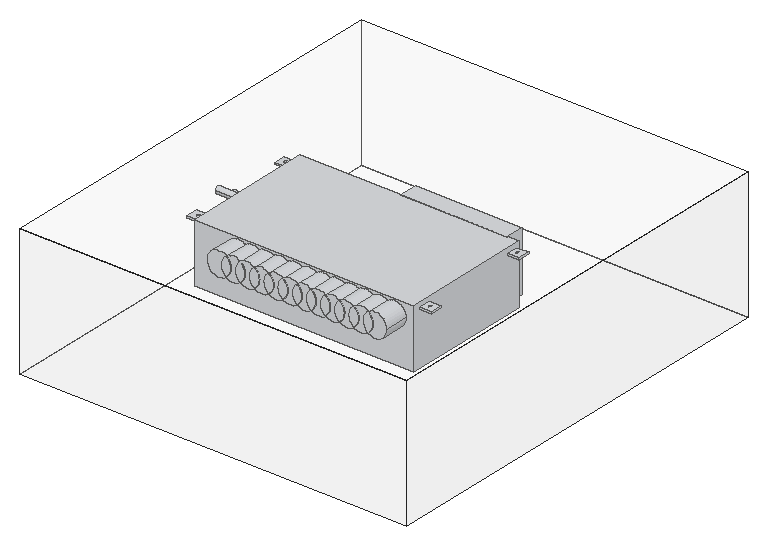
Revit family "cmb-p104_1016(j(a)1_kb1)_60Hz_A", category 機械設備, Revit 2023
Family settings
  丸型コネクタ寸法 = 直径を使用
  パーツ タイプ = 標準
  OmniClass 番号 = 23.75.10.24.21.27.24
  OmniClass タイトル = Room Air Conditioners
  作業面ベース = いいえ
  常に垂直 = はい
  ロード時にボイドで切り取り = いいえ
  注釈の向きを維持 = いいえ
  共有 = いいえ
  部屋計算ポイント = はい
Parameters (values of type "CMB-P1012J1")
  高圧径_室外ユニット側 = 19.05 mm
  高圧径_分コン子機側 = 0.00 mm
  音響パワーレベル(dB) = 0
  電源種別 = ""
  電圧 = 200 V
  運転質量 = 0.00 kg
  質量 = if(製品質量 > 運転質量, 製品質量, 運転質量) * 1.2  # 61.20 kg
  負荷分類 = 3_ファン類
  説明 = "ビル用マルチエアコン 室外ユニット用 分流コントローラー"
  設置方法 = "天井吊（隠ぺい形）"
  記号 [instance] = ""
  製造元 = "三菱電機株式会社"
  製品質量 = 51.00 kg
  製品出荷対象 = "国内"
  製品リリース年月 = "2019年6月1日"
  製品グループ = ""
  系統 [instance] = ""
  管径符号_室外ユニット側 = "Eh"
  符号 = ""
  積算_科目 = "1 空気調和設備"
  積算_拾い区分 [instance] = ""
  相 = 1
  盤記号 [instance] = ""
  発停方法 = ""
  特殊仕様 [instance] = ""
  点検口位置W = 650 mm
  点検口_右側 = no
  火災停止 = ""
  消費電力_暖房 = 80 W
  消費電力_冷房 = 165 W
  消費電力 = if(消費電力_冷房 > 消費電力_暖房, 消費電力_冷房, 消費電力_暖房)  # 165 W
  法定耐用年数 = "15"
  極数 = 2
  材質 [instance] = ""
  書き出し IFC クラス(タイプ) = "IfcUnitaryEquipmentType"
  既定の高さ = 0 mm
  推奨ブレーカー容量 = 15 A
  形式 = "個別ユニット（天井吊（隠ぺい形））"
  形名 = CMB-P-JKAB : CMB-P1012J1
  幹線記号 [instance] = ""
  定義済み IFC タイプ(タイプ) = "AIRCONDITIONINGUNIT"
  始動方式 = "直入"
  呼称 = "室内機_天井吊（隠ぺい形）"
  周波数 = 60 Hz
  参照している仕様書等のバージョン = "公共建築工事標準仕様書（機械設備工事編）平成31年度版"
  分類コード = "50053003221160"
  分類グループ = ""
  冷媒高低圧ガス管径 = 0.00 mm
  冷媒管径符号 = "Bd"
  冷媒管径 = 100.00 mm
  冷媒液管径_分コン子機側 = 0.00 mm
  冷媒液管径 = 9.52 mm
  冷媒ガス管径 = 15.88 mm
  低圧径_室外ユニット側 = 28.58 mm
  低圧径_分コン子機側 = 0.00 mm
  企業コード = "108420"
  モデル = "CMB-P1012J1"
  コメント [instance] = ""
  ケーブルサイズ = 1.6 mm
  Keynote = ""
  Version = ""
  Uniclass2015Version = "Systems v1.9"
  Uniclass2015Title = "Split coil remote air cooled condensing units"
  Uniclass2015Code = ""
  URL = "https://www.mitsubishielectric.co.jp/ldg/wink/ssl/displayProduct.do?pid=298332"
  SpecificationReference = ""
  SpecificationDescription = ""
  Revision = ""
  ProductInformation = ""
  OmniClassCode = ""
  IfcTypeProduct = ""
  IfcProduct = ""
  IfcExportType = "AIRCONDITIONINGUNIT"
  IfcExportAs = "IfcUnitaryEquipmentType"
  仕様書バージョン = "Version1.0"
  ドレン管径 = 32.00 mm
  Width = 927 mm
  Height = 253 mm
  Depth = 554 mm
  Clearance Top = 100 mm
  Clearance Right = 410 mm
  Clearance Left = 300 mm
  Clearance Front = 550 mm
  Clearance Bottom = 200 mm
  Clearance Back = 700 mm
  Author = "三菱電機株式会社"
Types (10, lengths in mm): name | 高圧径_室外ユニット側 | 高圧径_分コン子機側 | 質量 | 製品質量 | 管径符号_室外ユニット側 | 点検口位置W | 点検口_右側 | 消費電力_暖房 | 消費電力_冷房 | 消費電力 | 形名 | 冷媒液管径_分コン子機側 | 低圧径_室外ユニット側 | 低圧径_分コン子機側 | モデル | URL | Width | Depth | Clearance Right | Clearance Left
  CMB-P104J1 | 19.05 | 0.00 | 32.40 kg | 27.00 kg | "Eh" | 80 | no | 27 W | 60 W | 60 W | CMB-P-JKAB : CMB-P104J1 | 0.00 | 28.58 | 0.00 | "CMB-P104J1" | "https://www.mitsubishielectric.co.jp/ldg/wink/ssl/displayProduct.do?pid=298329" | 612 | 407 | 0 | 370
  CMB-P106J1 | 19.05 | 0.00 | 37.20 kg | 31.00 kg | "Eh" | 80 | no | 40 W | 86 W | 86 W | CMB-P-JKAB : CMB-P106J1 | 0.00 | 28.58 | 0.00 | "CMB-P106J1" | "https://www.mitsubishielectric.co.jp/ldg/wink/ssl/displayProduct.do?pid=298330" | 612 | 407 | 0 | 370
  CMB-P108J1 | 19.05 | 0.00 | 42.00 kg | 35.00 kg | "Eh" | 80 | no | 53 W | 112 W | 112 W | CMB-P-JKAB : CMB-P108J1 | 0.00 | 28.58 | 0.00 | "CMB-P108J1" | "https://www.mitsubishielectric.co.jp/ldg/wink/ssl/displayProduct.do?pid=298331" | 612 | 407 | 0 | 370
  CMB-P1012J1 | 19.05 | 0.00 | 61.20 kg | 51.00 kg | "Eh" | 650 | no | 80 W | 165 W | 165 W | CMB-P-JKAB : CMB-P1012J1 | 0.00 | 28.58 | 0.00 | "CMB-P1012J1" | "https://www.mitsubishielectric.co.jp/ldg/wink/ssl/displayProduct.do?pid=298332" | 927 | 554 | 410 | 300
  CMB-P1016J1 | 19.05 | 0.00 | 75.60 kg | 63.00 kg | "Eh" | 760 | no | 106 W | 217 W | 217 W | CMB-P-JKAB : CMB-P1016J1 | 0.00 | 28.58 | 0.00 | "CMB-P1016J1" | "https://www.mitsubishielectric.co.jp/ldg/wink/ssl/displayProduct.do?pid=298333" | 1151 | 554 | 410 | 300
  CMB-P108JA1 | 34.93 | 28.58 | 60.00 kg | 50.00 kg | "Jk" | 490 | yes | 53 W | 112 W | 112 W | CMB-P-JKAB : CMB-P108JA1 | 19.05 | 38.10 | 38.10 | "CMB-P108JA1" | "https://www.mitsubishielectric.co.jp/ldg/wink/ssl/displayProduct.do?pid=298334" | 927 | 554 | 250 | 300
  CMB-P1012JA1 | 19.05 | 28.58 | 75.60 kg | 63.00 kg | "Jk" | 760 | yes | 80 W | 165 W | 165 W | CMB-P-JKAB : CMB-P1012JA1 | 19.05 | 28.58 | 38.10 | "CMB-P1012JA1" | "https://www.mitsubishielectric.co.jp/ldg/wink/ssl/displayProduct.do?pid=298335" | 1151 | 554 | 410 | 300
  CMB-P1016JA1 | 19.05 | 28.58 | 85.20 kg | 71.00 kg | "Jk" | 760 | yes | 106 W | 217 W | 217 W | CMB-P-JKAB : CMB-P1016JA1 | 19.05 | 28.58 | 38.10 | "CMB-P1016JA1" | "https://www.mitsubishielectric.co.jp/ldg/wink/ssl/displayProduct.do?pid=298336" | 1151 | 554 | 410 | 300
  CMB-P104KB1 | 19.05 | 0.00 | 28.80 kg | 24.00 kg | "Eh" | 80 | no | 27 W | 53 W | 53 W | CMB-P-JKAB : CMB-P104KB1 | 0.00 | 28.58 | 0.00 | "CMB-P104KB1" | "https://www.mitsubishielectric.co.jp/ldg/wink/ssl/displayProduct.do?pid=298337" | 612 | 407 | 0 | 370
  CMB-P108KB1 | 19.05 | 0.00 | 38.40 kg | 32.00 kg | "Eh" | 80 | no | 53 W | 106 W | 106 W | CMB-P-JKAB : CMB-P108KB1 | 0.00 | 28.58 | 0.00 | "CMB-P108KB1" | "https://www.mitsubishielectric.co.jp/ldg/wink/ssl/displayProduct.do?pid=298339" | 612 | 407 | 0 | 370
Reference planes
  plane 1 "中心(正面/背面)": y = 0
  plane 2: z = 0
  plane 3 "中心(左/右)": x = 0
  plane 4: y = 277
  plane 5: y = -277
  plane 6: z = 253
  plane 7: x = -463.5
  plane 8: x = 463.5
  plane 9: z = 353
  plane 10 "tenken": z = -200
  plane 11: y = 977
  plane 12: x = -763.5
  plane 13: y = -827
  plane 14: x = 873.5
  plane 15 "点検口_1": x = -313.5
  plane 16 "点検口_3": x = 223.5
  plane 17 "点検口_5": y = 453.5
Lines and regions (mm)
  Masking region 1, detail levels coarse+medium
    outline origin (0, 0, 0) x (1, 0, 0) y (0, 1, 0)
      loop
        line (-463.5, -277) -> (463.5, -277) -> (463.5, 277) -> (-463.5, 277) -> (-463.5, -277)
Dimensions and locks
  equal spacing: plane 4, plane 1 "中心(正面/背面)", plane 5
  "Depth": plane 4 to plane 5
  "Height": plane 6 to level
  equal spacing: plane 7, plane 3 "中心(左/右)", plane 8
  "Width": plane 7 to plane 8
  "Clearance Top": plane 9 to plane 6
  "Clearance Bottom": level to plane 10 "tenken"
  "Clearance Right": plane 8 to plane 14
  "Clearance Left": plane 12 to plane 7
  "Clearance Back": plane 11 to plane 4
  "Clearance Front": plane 5 to plane 13
  locked: plane 12 to plane 15 "点検口_1" at 450
  "点検口位置W": plane 16 "点検口_3" to plane 14
  aligned and locked: level to plane 2
  aligned and locked: Masking region 1 sketch curve to plane 7
  aligned and locked: plane 8 to Masking region 1 sketch curve
  aligned and locked: plane 14 to nested 1
  aligned and locked: nested 1 to plane 13
  aligned and locked: plane 12 to nested 1
  aligned and locked: nested 1 to plane 11
  aligned and locked: nested 1 to plane 9
  aligned and locked: plane 10 "tenken" to nested 1
  aligned and locked: plane 3 "中心(左/右)" to nested 2
  aligned and locked: plane 1 "中心(正面/背面)" to nested 2
  aligned and locked: nested 3 to plane 16 "点検口_3"
  aligned and locked: nested 3 to plane 11
  aligned and locked: plane 12 to nested 4
  aligned and locked: plane 13 to nested 4
  aligned and locked: nested 5 to plane 14
  aligned and locked: nested 5 to plane 13
Automatic sketch dimensions
  Masking region 1 sketch curve to plane 4 = 0 mm
  Masking region 1 sketch curve to plane 5 = 0 mm
Nested families
  nested 1: "サービススペース(CMB-P-JKAB)" at (55, 75, 76.5), type "サービススペース(CMB-P-JKAB)"
    with Width 1637 mm, Height 553 mm, Depth 1804 mm
  nested 2: "CMB-P-JKAB" at (0, -73.5, 0), type <- "形名", type "CMB-P1012J1"
  nested 3: "点検口設置範囲" at (-1.5, 752, -200), type "点検口設置範囲"
    with Width 450 mm, Depth 450 mm
  nested 4: "点検口設置範囲" at (-538.5, -602, -200), type "点検口設置範囲"
    with Width 450 mm, Depth 450 mm
  nested 5: "点検口設置範囲" at (648.5, -602, -200), visible <- "点検口_右側", type "点検口設置範囲"
    with Width 450 mm, Depth 450 mm
Connectors
  piping at (-583.5, -5, 205), diameter 28.58, driven by "低圧径_室外ユニット側"
    settings: on nested 2, index 1, connector inside diameter 609.60 mm, connector length 0 mm, flow factor 0, pipe flow 0.0 L/s, pressure drop 0.0 Pa, fitting loss kfactor 0, connector angle 0.00°, fixture units 0, engagement length 0 mm, angle of deflection 0.00°, flow configuration 0, flow direction 1, fitting loss method 4, system type 7, joint type 0, gender type 0, connector reference index -1, connector utility 0, adjustable connector no, is connector primary yes, connector description ""
  piping at (-583.5, -5, 205), diameter 28.58, driven by "低圧径_室外ユニット側"
    settings: on nested 2, index 2, connector inside diameter 609.60 mm, connector length 0 mm, flow factor 0, pipe flow 0.0 L/s, pressure drop 0.0 Pa, fitting loss kfactor 0, connector angle 0.00°, fixture units 0, engagement length 0 mm, angle of deflection 0.00°, flow configuration 1, flow direction 1, fitting loss method 4, system type 7, joint type 0, gender type 0, connector reference index -1, connector utility 0, adjustable connector no, is connector primary no, connector description ""
  piping at (-655.5, 4, 32), diameter 32, driven by "ドレン管径"
    settings: on nested 2, index 3, connector inside diameter 609.60 mm, connector length 0 mm, flow factor 0, pipe flow 0.0 L/s, pressure drop 0.0 Pa, fitting loss kfactor 0, connector angle 0.00°, fixture units 0, engagement length 0 mm, angle of deflection 0.00°, flow configuration 1, flow direction 2, fitting loss method 4, system type 16, joint type 0, gender type 0, connector reference index -1, connector utility 0, adjustable connector no, is connector primary no, connector description ""
  piping at (-282, -377, 193), diameter 100, driven by "冷媒管径", driven by "冷媒管径符号"
    settings: on nested 2, index 4, connector inside diameter 609.60 mm, connector length 0 mm, flow factor 0, pipe flow 0.0 L/s, pressure drop 0.0 Pa, fitting loss kfactor 0, connector angle 0.00°, fixture units 0, engagement length 0 mm, angle of deflection 0.00°, flow configuration 1, flow direction 1, fitting loss method 4, system type 7, joint type 0, gender type 0, connector reference index -1, connector utility 0, adjustable connector no, is connector primary no, connector description "Bd"
  piping at (-222, -377, 193), diameter 100, driven by "冷媒管径", driven by "冷媒管径符号"
    settings: on nested 2, index 5, connector inside diameter 609.60 mm, connector length 0 mm, flow factor 0, pipe flow 0.0 L/s, pressure drop 0.0 Pa, fitting loss kfactor 0, connector angle 0.00°, fixture units 0, engagement length 0 mm, angle of deflection 0.00°, flow configuration 1, flow direction 1, fitting loss method 4, system type 7, joint type 0, gender type 0, connector reference index -1, connector utility 0, adjustable connector no, is connector primary no, connector description "Bd"
  piping at (-162, -377, 193), diameter 100, driven by "冷媒管径", driven by "冷媒管径符号"
    settings: on nested 2, index 6, connector inside diameter 609.60 mm, connector length 0 mm, flow factor 0, pipe flow 0.0 L/s, pressure drop 0.0 Pa, fitting loss kfactor 0, connector angle 0.00°, fixture units 0, engagement length 0 mm, angle of deflection 0.00°, flow configuration 1, flow direction 1, fitting loss method 4, system type 7, joint type 0, gender type 0, connector reference index -1, connector utility 0, adjustable connector no, is connector primary no, connector description "Bd"
  piping at (-102, -377, 193), diameter 100, driven by "冷媒管径", driven by "冷媒管径符号"
    settings: on nested 2, index 7, connector inside diameter 609.60 mm, connector length 0 mm, flow factor 0, pipe flow 0.0 L/s, pressure drop 0.0 Pa, fitting loss kfactor 0, connector angle 0.00°, fixture units 0, engagement length 0 mm, angle of deflection 0.00°, flow configuration 1, flow direction 1, fitting loss method 4, system type 7, joint type 0, gender type 0, connector reference index -1, connector utility 0, adjustable connector no, is connector primary no, connector description "Bd"
  piping at (-42, -377, 193), diameter 100, driven by "冷媒管径", driven by "冷媒管径符号"
    settings: on nested 2, index 8, connector inside diameter 609.60 mm, connector length 0 mm, flow factor 0, pipe flow 0.0 L/s, pressure drop 0.0 Pa, fitting loss kfactor 0, connector angle 0.00°, fixture units 0, engagement length 0 mm, angle of deflection 0.00°, flow configuration 1, flow direction 1, fitting loss method 4, system type 7, joint type 0, gender type 0, connector reference index -1, connector utility 0, adjustable connector no, is connector primary no, connector description "Bd"
  piping at (18, -377, 193), diameter 100, driven by "冷媒管径", driven by "冷媒管径符号"
    settings: on nested 2, index 9, connector inside diameter 609.60 mm, connector length 0 mm, flow factor 0, pipe flow 0.0 L/s, pressure drop 0.0 Pa, fitting loss kfactor 0, connector angle 0.00°, fixture units 0, engagement length 0 mm, angle of deflection 0.00°, flow configuration 1, flow direction 1, fitting loss method 4, system type 7, joint type 0, gender type 0, connector reference index -1, connector utility 0, adjustable connector no, is connector primary no, connector description "Bd"
  piping at (78, -377, 193), diameter 100, driven by "冷媒管径", driven by "冷媒管径符号"
    settings: on nested 2, index 10, connector inside diameter 609.60 mm, connector length 0 mm, flow factor 0, pipe flow 0.0 L/s, pressure drop 0.0 Pa, fitting loss kfactor 0, connector angle 0.00°, fixture units 0, engagement length 0 mm, angle of deflection 0.00°, flow configuration 1, flow direction 1, fitting loss method 4, system type 7, joint type 0, gender type 0, connector reference index -1, connector utility 0, adjustable connector no, is connector primary no, connector description "Bd"
  piping at (138, -377, 193), diameter 100, driven by "冷媒管径", driven by "冷媒管径符号"
    settings: on nested 2, index 11, connector inside diameter 609.60 mm, connector length 0 mm, flow factor 0, pipe flow 0.0 L/s, pressure drop 0.0 Pa, fitting loss kfactor 0, connector angle 0.00°, fixture units 0, engagement length 0 mm, angle of deflection 0.00°, flow configuration 1, flow direction 1, fitting loss method 4, system type 7, joint type 0, gender type 0, connector reference index -1, connector utility 0, adjustable connector no, is connector primary no, connector description "Bd"
  piping at (198, -377, 193), diameter 100, driven by "冷媒管径", driven by "冷媒管径符号"
    settings: on nested 2, index 12, connector inside diameter 609.60 mm, connector length 0 mm, flow factor 0, pipe flow 0.0 L/s, pressure drop 0.0 Pa, fitting loss kfactor 0, connector angle 0.00°, fixture units 0, engagement length 0 mm, angle of deflection 0.00°, flow configuration 1, flow direction 1, fitting loss method 4, system type 7, joint type 0, gender type 0, connector reference index -1, connector utility 0, adjustable connector no, is connector primary no, connector description "Bd"
  piping at (258, -377, 193), diameter 100, driven by "冷媒管径", driven by "冷媒管径符号"
    settings: on nested 2, index 13, connector inside diameter 609.60 mm, connector length 0 mm, flow factor 0, pipe flow 0.0 L/s, pressure drop 0.0 Pa, fitting loss kfactor 0, connector angle 0.00°, fixture units 0, engagement length 0 mm, angle of deflection 0.00°, flow configuration 1, flow direction 1, fitting loss method 4, system type 7, joint type 0, gender type 0, connector reference index -1, connector utility 0, adjustable connector no, is connector primary no, connector description "Bd"
  piping at (318, -377, 193), diameter 100, driven by "冷媒管径", driven by "冷媒管径符号"
    settings: on nested 2, index 14, connector inside diameter 609.60 mm, connector length 0 mm, flow factor 0, pipe flow 0.0 L/s, pressure drop 0.0 Pa, fitting loss kfactor 0, connector angle 0.00°, fixture units 0, engagement length 0 mm, angle of deflection 0.00°, flow configuration 1, flow direction 1, fitting loss method 4, system type 7, joint type 0, gender type 0, connector reference index -1, connector utility 0, adjustable connector no, is connector primary no, connector description "Bd"
  piping at (378, -377, 193), diameter 100, driven by "冷媒管径", driven by "冷媒管径符号"
    settings: on nested 2, index 15, connector inside diameter 609.60 mm, connector length 0 mm, flow factor 0, pipe flow 0.0 L/s, pressure drop 0.0 Pa, fitting loss kfactor 0, connector angle 0.00°, fixture units 0, engagement length 0 mm, angle of deflection 0.00°, flow configuration 1, flow direction 1, fitting loss method 4, system type 7, joint type 0, gender type 0, connector reference index -1, connector utility 0, adjustable connector no, is connector primary no, connector description "Bd"
  piping at (438, -377, 193), diameter 100, driven by "冷媒管径", driven by "冷媒管径符号"
    settings: on nested 2, index 16, connector inside diameter 609.60 mm, connector length 0 mm, flow factor 0, pipe flow 0.0 L/s, pressure drop 0.0 Pa, fitting loss kfactor 0, connector angle 0.00°, fixture units 0, engagement length 0 mm, angle of deflection 0.00°, flow configuration 1, flow direction 1, fitting loss method 4, system type 7, joint type 0, gender type 0, connector reference index -1, connector utility 0, adjustable connector no, is connector primary no, connector description "Bd"
  piping at (498, -377, 193), diameter 100, driven by "冷媒管径", driven by "冷媒管径符号"
    settings: on nested 2, index 17, connector inside diameter 609.60 mm, connector length 0 mm, flow factor 0, pipe flow 0.0 L/s, pressure drop 0.0 Pa, fitting loss kfactor 0, connector angle 0.00°, fixture units 0, engagement length 0 mm, angle of deflection 0.00°, flow configuration 1, flow direction 1, fitting loss method 4, system type 7, joint type 0, gender type 0, connector reference index -1, connector utility 0, adjustable connector no, is connector primary no, connector description "Bd"
  piping at (558, -377, 193), diameter 100, driven by "冷媒管径", driven by "冷媒管径符号"
    settings: on nested 2, index 18, connector inside diameter 609.60 mm, connector length 0 mm, flow factor 0, pipe flow 0.0 L/s, pressure drop 0.0 Pa, fitting loss kfactor 0, connector angle 0.00°, fixture units 0, engagement length 0 mm, angle of deflection 0.00°, flow configuration 1, flow direction 1, fitting loss method 4, system type 7, joint type 0, gender type 0, connector reference index -1, connector utility 0, adjustable connector no, is connector primary no, connector description "Bd"
  piping at (-583.5, -102, 215), diameter 15.88, driven by "冷媒ガス管径"
    settings: on nested 2, index 19, connector inside diameter 609.60 mm, connector length 0 mm, flow factor 0, pipe flow 0.0 L/s, pressure drop 0.0 Pa, fitting loss kfactor 0, connector angle 0.00°, fixture units 0, engagement length 0 mm, angle of deflection 0.00°, flow configuration 1, flow direction 1, fitting loss method 4, system type 7, joint type 0, gender type 0, connector reference index -1, connector utility 0, adjustable connector no, is connector primary no, connector description ""
  piping at (618, -377, 193), diameter 100, driven by "冷媒管径", driven by "冷媒管径符号"
    settings: on nested 2, index 20, connector inside diameter 609.60 mm, connector length 0 mm, flow factor 0, pipe flow 0.0 L/s, pressure drop 0.0 Pa, fitting loss kfactor 0, connector angle 0.00°, fixture units 0, engagement length 0 mm, angle of deflection 0.00°, flow configuration 1, flow direction 1, fitting loss method 4, system type 7, joint type 0, gender type 0, connector reference index -1, connector utility 0, adjustable connector no, is connector primary no, connector description "Bd"
  piping at (-583.5, 73, 161), diameter 19.05, driven by "高圧径_室外ユニット側"
    settings: on nested 2, index 21, connector inside diameter 609.60 mm, connector length 0 mm, flow factor 0, pipe flow 0.0 L/s, pressure drop 0.0 Pa, fitting loss kfactor 0, connector angle 0.00°, fixture units 0, engagement length 0 mm, angle of deflection 0.00°, flow configuration 1, flow direction 1, fitting loss method 4, system type 7, joint type 0, gender type 0, connector reference index -1, connector utility 0, adjustable connector no, is connector primary no, connector description ""
  piping at (619.5, 110, 205), driven by "高圧径_分コン子機側"
    settings: on nested 2, index 22, connector diameter 0.00 mm, connector inside diameter 609.60 mm, connector length 0 mm, flow factor 0, pipe flow 0.0 L/s, pressure drop 0.0 Pa, fitting loss kfactor 0, connector angle 0.00°, fixture units 0, engagement length 0 mm, angle of deflection 0.00°, flow configuration 1, flow direction 1, fitting loss method 4, system type 7, joint type 0, gender type 0, connector reference index -1, connector utility 0, adjustable connector no, is connector primary no, connector description ""
  piping at (619.5, -5, 205), driven by "低圧径_分コン子機側"
    settings: on nested 2, index 23, connector diameter 0.00 mm, connector inside diameter 609.60 mm, connector length 0 mm, flow factor 0, pipe flow 0.0 L/s, pressure drop 0.0 Pa, fitting loss kfactor 0, connector angle 0.00°, fixture units 0, engagement length 0 mm, angle of deflection 0.00°, flow configuration 1, flow direction 1, fitting loss method 4, system type 7, joint type 0, gender type 0, connector reference index -1, connector utility 0, adjustable connector no, is connector primary no, connector description ""
  piping at (547.5, 56, 155), driven by "冷媒液管径_分コン子機側"
    settings: on nested 2, index 24, connector diameter 0.00 mm, connector inside diameter 609.60 mm, connector length 0 mm, flow factor 0, pipe flow 0.0 L/s, pressure drop 0.0 Pa, fitting loss kfactor 0, connector angle 0.00°, fixture units 0, engagement length 0 mm, angle of deflection 0.00°, flow configuration 1, flow direction 1, fitting loss method 4, system type 7, joint type 0, gender type 0, connector reference index -1, connector utility 0, adjustable connector no, is connector primary no, connector description ""
  electrical at (188.5, 354, 126.5), driven by "電圧", driven by "負荷分類", driven by "消費電力", driven by "極数"
    settings: on nested 2, index 25, voltage 200 V, apparent load 165 VA, apparent load phase1 0 VA, apparent load phase2 0 VA, apparent load phase3 0 VA, power factor 1, load classification "3_ファン類", number of poles 2, system type 30, power factor state 1, is connector primary yes, connector utility no, sub classification motor no, connector description ""
Definition of nested family "サービススペース(CMB-P-JKAB)"
  Parameters (values of type "サービススペース")
    Default Elevation = 0 mm
    Width [instance] = 500 mm
    Height [instance] = 500 mm
    Depth [instance] = 500 mm
  Reference planes
    plane 1 "中心(正面/背面)": y = 0
    plane 2: z = 0
    plane 3 "中心(左/右)": x = 0
    plane 4: y = -250
    plane 5: x = 250
    plane 6: y = 250
    plane 7: x = -250
    plane 8: z = 250
    plane 9: z = -250
  Forms (mm)
    Extrusion 1, solid
      sketch origin (-638.939, 0, 72.39) x (1, 0, 0) y (0, 1, 0)
        loop
          line (388.939, 250) -> (388.939, -250) -> (888.939, -250) -> (888.939, 250) -> (388.939, 250)
      from -322.39 to 177.61
  Lines and regions (mm)
    symbolic lines
      curve 1: line (-250, 0, 250) -> (250, 0, 250)
      curve 2: line (-250, 0, -250) -> (-250, 0, 250)
      curve 3: line (250, 0, -250) -> (-250, 0, -250)
      curve 4: line (250, 0, 250) -> (250, 0, -250)
      curve 5: line (0, -250, 250) -> (0, 250, 250)
      curve 6: line (0, -250, -250) -> (0, -250, 250)
      curve 7: line (0, 250, -250) -> (0, -250, -250)
      curve 8: line (0, 250, 250) -> (0, 250, -250)
      curve 9: line (-250, 250, 0) -> (250, 250, 0)
      curve 10: line (-250, -250, 0) -> (-250, 250, 0)
      curve 11: line (250, -250, 0) -> (-250, -250, 0)
      curve 12: line (250, 250, 0) -> (250, -250, 0)
  Dimensions and locks
    equal spacing: plane 7, plane 3 "中心(左/右)", plane 5
    equal spacing: plane 4, plane 1 "中心(正面/背面)", plane 6
    "Depth": plane 4 to plane 6
    "Width": plane 7 to plane 5
    equal spacing: plane 8, plane 2, plane 9
    "Height": plane 8 to plane 9
    aligned and locked: plane 9 to curve 3
    aligned and locked: plane 7 to curve 2
    aligned and locked: curve 4 to plane 5
    aligned and locked: plane 5 to Extrusion 1
    aligned and locked: Extrusion 1 to plane 7
    aligned and locked: Extrusion 1 to plane 9
    aligned and locked: plane 8 to Extrusion 1
    aligned and locked: plane 9 to curve 7
  Automatic sketch dimensions
    plane 4 to Extrusion 1 sketch curve = 0 mm
    Extrusion 1 sketch curve to plane 7 = 0 mm
    Extrusion 1 sketch curve to plane 5 = 0 mm
    plane 6 to Extrusion 1 sketch curve = 0 mm
    curve 2 to plane 8 = 0 mm
    plane 4 to curve 11 = 0 mm
    curve 11 to plane 7 = 0 mm
    curve 11 to plane 5 = 0 mm
    plane 6 to curve 10 = 0 mm
    curve 7 to plane 4 = 0 mm
    curve 7 to plane 6 = 0 mm
    curve 6 to plane 8 = 0 mm
Definition of nested family "CMB-P-JKAB"
  Parameters (values of type "CMB-P1012J1")
    配管接続口液 = 6.35 mm  # constant formula
    配管接続口ガス = 12.7 mm  # constant formula
    表示 = no
    液径 = 15.88 mm
    液_表示 = no
    Default Elevation = 0 mm
    右液W = 84 mm  # constant formula
    右液H = 98 mm  # constant formula
    右液D = 333 mm  # constant formula
    右接続口液 = 19.05 mm  # constant formula
    右低圧径 = 38.1 mm  # constant formula
    低圧径 = 28.58 mm
    吊りボルトW = 983 mm
    吊りボルトH = 23 mm
    吊りボルトD = 463 mm
    配管径 = 100 mm  # constant formula
    低圧W = 120 mm
    低圧H = 48 mm
    低圧D = 272 mm
    右高圧径 = 28.58 mm  # constant formula
    右高圧W = 156 mm  # constant formula
    右高圧H = 48 mm  # constant formula
    右高圧D = 387 mm  # constant formula
    右低圧W = 156 mm  # constant formula
    右低圧H = 48 mm  # constant formula
    右低圧D = 272 mm  # constant formula
    ドレン径 = 32 mm
    ドレンW = 192 mm
    ドレンH = 221 mm
    ドレンD = 281 mm
    高圧径 = 19.05 mm
    高圧W = 120 mm
    高圧H = 92 mm
    高圧D = 350 mm
    コネクタ8 = yes
    コネクタ6 = yes
    コネクタ4 = yes
    コネクタ16 = no
    コネクタ12 = yes
    ①幅 = 927 mm
    ①高さ = 253 mm
    ①奥行き = 554 mm
    C = 197 mm
    B = 49 mm
    A = 77 mm
    G = 0 mm
    F = 0 mm
    E = 0 mm
    D = 166 mm
  Types (10, lengths in mm): name | 表示 | 液_表示 | 吊りボルトW | 吊りボルトH | 吊りボルトD | 低圧W | 低圧H | 低圧D | ドレンD | 高圧W | 高圧H | 高圧D | コネクタ8 | コネクタ6 | コネクタ16 | コネクタ12 | ①幅 | ①奥行き | C | B | A | D
    CMB-P104J1 | no | no | 648 | 11 | 323 | 120 | 38 | 110 | 207 | 120 | 122 | 276 | no | no | no | no | 612 | 407 | 127 | 46 | 78 | 96
    CMB-P104KB1 | no | yes | 648 | 11 | 323 | 90 | 38 | 110 | 207 | 120 | 122 | 276 | no | no | no | no | 612 | 407 | 127 | 46 | 78 | 96
    CMB-P106J1 | no | no | 648 | 11 | 323 | 120 | 38 | 110 | 207 | 120 | 122 | 276 | no | yes | no | no | 612 | 407 | 127 | 46 | 78 | 96
    CMB-P108J1 | no | no | 648 | 11 | 323 | 120 | 38 | 110 | 207 | 120 | 122 | 276 | yes | yes | no | no | 612 | 407 | 127 | 46 | 78 | 96
    CMB-P108JA1 | yes | no | 983 | 23 | 463 | 156 | 48 | 272 | 281 | 156 | 92 | 350 | yes | yes | no | no | 927 | 554 | 196 | 49 | 77 | 166
    CMB-P108KB1 | no | yes | 648 | 11 | 323 | 90 | 38 | 110 | 207 | 120 | 122 | 276 | yes | yes | no | no | 612 | 407 | 127 | 46 | 78 | 96
    CMB-P1012J1 | no | no | 983 | 23 | 463 | 120 | 48 | 272 | 281 | 120 | 92 | 350 | yes | yes | no | yes | 927 | 554 | 197 | 49 | 77 | 166
    CMB-P1012JA1 | yes | no | 1207 | 23 | 463 | 156 | 48 | 272 | 281 | 156 | 92 | 350 | yes | yes | no | yes | 1151 | 554 | 196 | 49 | 77 | 166
    CMB-P1016J1 | no | no | 1207 | 23 | 463 | 120 | 48 | 272 | 281 | 120 | 92 | 350 | yes | yes | yes | yes | 1151 | 554 | 197 | 49 | 77 | 166
    CMB-P1016JA1 | yes | no | 1207 | 23 | 463 | 156 | 48 | 272 | 281 | 156 | 92 | 350 | yes | yes | yes | yes | 1151 | 554 | 196 | 49 | 77 | 166
  Reference planes
    plane 1 "中心(正面/背面)": y = 73.5
    plane 2: z = 0
    plane 3 "中心(左/右)": x = 0
    plane 4: x = -463.5
    plane 5: x = 463.5
    plane 6: y = 350.5
    plane 7: y = -203.5
    plane 8: z = 253
    plane 9: y = 308.5
    plane 10: y = -154.5
    plane 11: x = -491.5
    plane 12: x = 491.5
    plane 13: y = 427.5
    plane 14: x = 413.5
    plane 15: x = -36.5
    plane 16: x = -266.5
    plane 17: z = 227
    plane 18: z = 159
    plane 19: x = -297.5
    plane 20: z = 230
    plane 21: y = 333.5
    plane 22: y = 283.5
    plane 23: y = -129.5
    plane 24: y = -179.5
    plane 25: x = 516.5
    plane 26: x = -516.5
    plane 27: y = -303.5
    plane 28: y = 68.5
    plane 29: y = 146.5
    plane 30: y = 77.5
    plane 31: x = -583.5
    plane 32: x = -655.5
    plane 33: z = 32
    plane 34: z = 161
    plane 35: z = 205
    plane 36: y = 183.5
    plane 37: y = 129.5
    plane 38: y = 68.5
    plane 39: x = 547.5
    plane 40: x = 619.5
    plane 41: z = 155
    plane 42: z = 205
    plane 43: x = -282
    plane 44: x = -222
    plane 45: x = -162
    plane 46: x = -102
    plane 47: x = -42
    plane 48: x = 18
    plane 49: x = 78
    plane 50: x = 138
    plane 51: x = 198
    plane 52: x = 258
    plane 53: x = 318
    plane 54: x = 378
    plane 55: x = 438
    plane 56: x = 498
    plane 57: x = 558
    plane 58: z = 193
    plane 59: y = -28.5
    plane 60: z = 215
    plane 61: x = 618
    plane 62: x = -583.5
  Forms (mm)
    Extrusion 1, solid
      sketch origin (0, 0, 0) x (1, 0, 0) y (0, 1, 0)
        loop
          line (-463.5, 350.5) -> (-463.5, -203.5) -> (463.5, -203.5) -> (463.5, 350.5) -> (-463.5, 350.5)
      from 0 to 253
    Extrusion 2, solid
      sketch origin (0, 0, 0) x (1, 0, 0) y (0, 1, 0)
        loop
          line (-36.5, 427.5) -> (-36.5, 350.5) -> (413.5, 350.5) -> (413.5, 427.5) -> (-36.5, 427.5)
      from 0 to 253
    Extrusion 3, solid, detail levels fine
      sketch origin (0, 0, 0) x (1, 0, 0) y (0, 1, 0)
        loop
          line (-516.5, 333.5) -> (-516.5, 283.5) -> (-463.5, 283.5) -> (-463.5, 333.5) -> (-516.5, 333.5)
        loop
          circle (-491.5, 308.5) r 5
        loop
          line (516.5, 333.5) -> (463.5, 333.5) -> (463.5, 283.5) -> (516.5, 283.5) -> (516.5, 333.5)
        loop
          circle (491.5, 308.5) r 5
        loop
          line (516.5, -179.5) -> (516.5, -129.5) -> (463.5, -129.5) -> (463.5, -179.5) -> (516.5, -179.5)
        loop
          circle (491.5, -154.5) r 5
        loop
          line (-516.5, -179.5) -> (-463.5, -179.5) -> (-463.5, -129.5) -> (-516.5, -129.5) -> (-516.5, -179.5)
        loop
          circle (-491.5, -154.5) r 5
      from 237 to 230
    Extrusion 4, solid, detail levels fine
      sketch origin (0, 0, 0) x (0, 1, 0) y (0, 0, 1)
        loop
          circle (68.5, 205) r 14.29
      from -583.5 to -463.5
    Extrusion 5, solid, detail levels fine
      sketch origin (0, 0, 0) x (0, 1, 0) y (0, 0, 1)
        loop
          circle (77.5, 32) r 16
      from -655.5 to -463.5
    Extrusion 6, solid, visible <- "表示", detail levels fine
      sketch origin (0, 0, 0) x (0, 1, 0) y (0, 0, 1)
        loop
          circle (129.5, 155) r 9.525
      from 463.5 to 547.5
    Extrusion 7, solid, visible <- "表示", detail levels fine
      sketch origin (0, 0, 0) x (0, 1, 0) y (0, 0, 1)
        loop
          circle (183.5, 205) r 14.29
        loop
          circle (68.5, 205) r 19.05
      from 463.5 to 619.5
    Extrusion 8, solid, visible <- "コネクタ4", detail levels fine
      sketch origin (0, 73.5, 0) x (1, 0, 0) y (0, 0, 1)
        loop
          circle (-282, 193) r 50
      from 277 to 377
    Extrusion 9, solid, visible <- "コネクタ4", detail levels fine
      sketch origin (60, 73.5, 0) x (1, 0, 0) y (0, 0, 1)
        loop
          circle (-282, 193) r 50
      from 277 to 377
    Extrusion 10, solid, visible <- "コネクタ4", detail levels fine
      sketch origin (120, 73.5, 0) x (1, 0, 0) y (0, 0, 1)
        loop
          circle (-282, 193) r 50
      from 277 to 377
    Extrusion 11, solid, visible <- "コネクタ4", detail levels fine
      sketch origin (180, 73.5, 0) x (1, 0, 0) y (0, 0, 1)
        loop
          circle (-282, 193) r 50
      from 277 to 377
    Extrusion 12, solid, visible <- "コネクタ6", detail levels fine
      sketch origin (240, 73.5, 0) x (1, 0, 0) y (0, 0, 1)
        loop
          circle (-282, 193) r 50
      from 277 to 377
    Extrusion 13, solid, visible <- "コネクタ6", detail levels fine
      sketch origin (300, 73.5, 0) x (1, 0, 0) y (0, 0, 1)
        loop
          circle (-282, 193) r 50
      from 277 to 377
    Extrusion 14, solid, visible <- "コネクタ8", detail levels fine
      sketch origin (360, 73.5, 0) x (1, 0, 0) y (0, 0, 1)
        loop
          circle (-282, 193) r 50
      from 277 to 377
    Extrusion 15, solid, visible <- "コネクタ8", detail levels fine
      sketch origin (420, 73.5, 0) x (1, 0, 0) y (0, 0, 1)
        loop
          circle (-282, 193) r 50
      from 277 to 377
    Extrusion 16, solid, visible <- "コネクタ12", detail levels fine
      sketch origin (480, 73.5, 0) x (1, 0, 0) y (0, 0, 1)
        loop
          circle (-282, 193) r 50
      from 277 to 377
    Extrusion 17, solid, visible <- "コネクタ12", detail levels fine
      sketch origin (540, 73.5, 0) x (1, 0, 0) y (0, 0, 1)
        loop
          circle (-282, 193) r 50
      from 277 to 377
    Extrusion 18, solid, visible <- "コネクタ12", detail levels fine
      sketch origin (600, 73.5, 0) x (1, 0, 0) y (0, 0, 1)
        loop
          circle (-282, 193) r 50
      from 277 to 377
    Extrusion 19, solid, visible <- "コネクタ12", detail levels fine
      sketch origin (660, 73.5, 0) x (1, 0, 0) y (0, 0, 1)
        loop
          circle (-282, 193) r 50
      from 277 to 377
    Extrusion 20, solid, visible <- "コネクタ16", detail levels fine
      sketch origin (720, 73.5, 0) x (1, 0, 0) y (0, 0, 1)
        loop
          circle (-282, 193) r 50
      from 277 to 377
    Extrusion 21, solid, visible <- "コネクタ16", detail levels fine
      sketch origin (780, 73.5, 0) x (1, 0, 0) y (0, 0, 1)
        loop
          circle (-282, 193) r 50
      from 277 to 377
    Extrusion 22, solid, visible <- "コネクタ16", detail levels fine
      sketch origin (840, 73.5, 0) x (1, 0, 0) y (0, 0, 1)
        loop
          circle (-282, 193) r 50
      from 277 to 377
    Extrusion 23, solid, visible <- "液_表示", detail levels fine
      sketch origin (0, 0, 0) x (0, 1, 0) y (0, 0, 1)
        loop
          circle (-28.5, 215) r 7.94
      from -583.5 to -463.5
    Extrusion 24, solid, visible <- "コネクタ16", detail levels fine
      sketch origin (900, 73.5, 0) x (1, 0, 0) y (0, 0, 1)
        loop
          circle (-282, 193) r 50
      from 277 to 377
    Extrusion 25, solid, detail levels fine
      sketch origin (0, 0, 0) x (0, 1, 0) y (0, 0, 1)
        loop
          circle (146.5, 161) r 9.525
      from -583.5 to -463.5
  Dimensions and locks
    equal spacing: plane 7, plane 1 "中心(正面/背面)", plane 6
    "①奥行き": plane 7 to plane 6
    equal spacing: plane 4, plane 3 "中心(左/右)", plane 5
    "①幅": plane 4 to plane 5
    equal spacing: plane 11, plane 3 "中心(左/右)", plane 12
    "吊りボルトW": plane 11 to plane 12
    "吊りボルトD": plane 10 to plane 9
    "①高さ": plane 8 to level
    locked: plane 15 to plane 14 at 450
    locked: plane 14 to plane 5 at 50
    "A": plane 6 to plane 13
    "B": plane 7 to plane 10
    "C": plane 4 to plane 16
    plane 8 to plane 17 to plane 18 = 26 mm locked, 68 mm locked
    "D": plane 4 to plane 19
    "吊りボルトH": plane 8 to plane 20
    plane 22 to plane 9 to plane 21 = 25 mm locked, 25 mm locked
    plane 24 to plane 10 to plane 23 = 25 mm locked, 25 mm locked
    locked: plane 27 to plane 7 at 100
    locked: plane 12 to plane 25 at 25
    locked: plane 26 to plane 11 at 25
    "低圧D": plane 7 to plane 28
    "高圧D": plane 7 to plane 29
    "ドレンD": plane 7 to plane 30
    "ドレンW": plane 32 to plane 4
    "高圧W": plane 31 to plane 4
    "ドレンH": plane 8 to plane 33
    "高圧H": plane 8 to plane 34
    "低圧H": plane 8 to plane 35
    plane 30 to plane 7 = 281 mm
    plane 28 to plane 7 = 272 mm
    plane 29 to plane 7 = 350 mm
    plane 8 to plane 35 = 48 mm
    plane 8 to plane 34 = 92 mm
    plane 8 to plane 33 = 221 mm
    "右低圧D": plane 7 to plane 38
    "右液D": plane 7 to plane 37
    "右高圧D": plane 7 to plane 36
    "右液W": plane 5 to plane 39
    "右高圧W": plane 5 to plane 40
    "右高圧H": plane 8 to plane 42
    "右液H": plane 8 to plane 41
    plane 7 to plane 38 = 272 mm
    plane 7 to plane 36 = 387 mm
    plane 7 to plane 37 = 333 mm
    equal spacing: plane 19, plane 43, plane 16
    plane 43 to plane 44 to plane 45 to plane 46 to plane 47 = 60 mm locked, 60 mm locked, 60 mm locked, 60 mm locked
    plane 47 to plane 48 to plane 49 to plane 50 to plane 51 to plane 52 to plane 53 to plane 54 = 60 mm locked, 60 mm locked, 60 mm locked, 60 mm locked, 60 mm locked, 60 mm locked, 60 mm locked
    plane 54 to plane 55 to plane 56 = 60 mm locked, 60 mm locked
    locked: plane 56 to plane 57 at 60
    equal spacing: plane 17, plane 58, plane 18
    plane 57 to plane 56 to plane 55 to plane 54 to plane 53 to plane 52 to plane 51 to plane 50 to plane 49 to plane 48 to plane 47 to plane 46 to plane 45 to plane 44 to plane 43 = 60 mm, 60 mm, 60 mm, 60 mm, 60 mm, 60 mm, 60 mm, 60 mm, 60 mm, 60 mm, 60 mm, 60 mm, 60 mm, 60 mm
    locked: plane 7 to plane 59 at 175
    locked: plane 8 to plane 60 at 38
    locked: plane 57 to plane 61 at 60
    "低圧W": plane 62 to plane 4
    radius of Extrusion 3 sketch curve = 5 mm  (x4)
    "低圧径": diameter of Extrusion 4 sketch curve
    "ドレン径": diameter of Extrusion 5 sketch curve
    "右接続口液": diameter of Extrusion 6 sketch curve
    "右低圧径": diameter of Extrusion 7 sketch curve
    "右高圧径": diameter of Extrusion 7 sketch curve
    "配管径": diameter of Extrusion 8 sketch curve
    "配管径": diameter of Extrusion 9 sketch curve
    "配管径": diameter of Extrusion 10 sketch curve
    "配管径": diameter of Extrusion 11 sketch curve
    "配管径": diameter of Extrusion 12 sketch curve
    "配管径": diameter of Extrusion 13 sketch curve
    "配管径": diameter of Extrusion 14 sketch curve
    "配管径": diameter of Extrusion 15 sketch curve
    "配管径": diameter of Extrusion 16 sketch curve
    "配管径": diameter of Extrusion 17 sketch curve
    "配管径": diameter of Extrusion 18 sketch curve
    "配管径": diameter of Extrusion 19 sketch curve
    "配管径": diameter of Extrusion 20 sketch curve
    "配管径": diameter of Extrusion 21 sketch curve
    "配管径": diameter of Extrusion 22 sketch curve
    "液径": diameter of Extrusion 23 sketch curve
    "配管径": diameter of Extrusion 24 sketch curve
    "高圧径": diameter of Extrusion 25 sketch curve
    aligned and locked: level to plane 2
    aligned and locked: plane 10 to nested 1
    aligned and locked: plane 11 to nested 1
    aligned and locked: plane 12 to nested 1
    aligned and locked: nested 1 to plane 9
    aligned and locked: plane 6 to Extrusion 1 sketch curve
    aligned and locked: plane 4 to Extrusion 1 sketch curve
    aligned and locked: Extrusion 1 sketch curve to plane 7
    aligned and locked: Extrusion 1 sketch curve to plane 5
    aligned and locked: plane 13 to Extrusion 2 sketch curve
    aligned and locked: plane 15 to Extrusion 2 sketch curve
    aligned and locked: Extrusion 2 sketch curve to plane 6
    aligned and locked: Extrusion 2 sketch curve to plane 14
    aligned and locked: plane 8 to Extrusion 2
    aligned and locked: plane 8 to Extrusion 1
    aligned and locked: plane 21 to Extrusion 3 sketch curve
    aligned and locked: plane 26 to Extrusion 3 sketch curve
    aligned and locked: Extrusion 3 sketch curve to plane 22
    aligned and locked: Extrusion 3 sketch curve to plane 4
    aligned and locked: plane 9 to Extrusion 3 sketch curve  (x2)
    aligned and locked: plane 11 to Extrusion 3 sketch curve  (x2)
    aligned and locked: plane 25 to Extrusion 3 sketch curve
    aligned and locked: Extrusion 3 sketch curve to plane 21
    aligned and locked: Extrusion 3 sketch curve to plane 5
    aligned and locked: plane 22 to Extrusion 3 sketch curve
    aligned and locked: plane 12 to Extrusion 3 sketch curve  (x2)
    aligned and locked: plane 23 to Extrusion 3 sketch curve
    aligned and locked: Extrusion 3 sketch curve to plane 25
    aligned and locked: plane 5 to Extrusion 3 sketch curve
    aligned and locked: Extrusion 3 sketch curve to plane 24
    aligned and locked: plane 10 to Extrusion 3 sketch curve  (x2)
    aligned and locked: Extrusion 3 sketch curve to plane 26
    aligned and locked: plane 24 to Extrusion 3 sketch curve
    aligned and locked: Extrusion 3 sketch curve to plane 23
    aligned and locked: plane 4 to Extrusion 3 sketch curve
    aligned and locked: plane 20 to Extrusion 3
    aligned and locked: plane 28 to Extrusion 4 sketch curve
    aligned and locked: plane 35 to Extrusion 4 sketch curve
    aligned and locked: Extrusion 4 to plane 31
    aligned and locked: plane 4 to Extrusion 4
    aligned and locked: plane 30 to Extrusion 5 sketch curve
    aligned and locked: plane 33 to Extrusion 5 sketch curve
    aligned and locked: Extrusion 5 to plane 32
    aligned and locked: plane 4 to Extrusion 5
    aligned and locked: plane 37 to Extrusion 6 sketch curve
    aligned and locked: plane 41 to Extrusion 6 sketch curve
    aligned and locked: plane 39 to Extrusion 6
    aligned and locked: Extrusion 6 to plane 5
    aligned and locked: plane 38 to Extrusion 7 sketch curve
    aligned and locked: plane 42 to Extrusion 7 sketch curve  (x2)
    aligned and locked: plane 36 to Extrusion 7 sketch curve
    aligned and locked: plane 40 to Extrusion 7
    aligned and locked: Extrusion 7 to plane 5
    aligned and locked: plane 43 to Extrusion 8 sketch curve
    aligned and locked: plane 58 to Extrusion 8 sketch curve
    aligned and locked: plane 27 to Extrusion 8
    aligned and locked: Extrusion 8 to plane 7
    aligned and locked: plane 44 to Extrusion 9 sketch curve
    aligned and locked: plane 58 to Extrusion 9 sketch curve
    aligned and locked: plane 45 to Extrusion 10 sketch curve
    aligned and locked: plane 58 to Extrusion 10 sketch curve
    aligned and locked: plane 46 to Extrusion 11 sketch curve
    aligned and locked: plane 58 to Extrusion 11 sketch curve
    aligned and locked: plane 47 to Extrusion 12 sketch curve
    aligned and locked: plane 58 to Extrusion 12 sketch curve
    aligned and locked: plane 48 to Extrusion 13 sketch curve
    aligned and locked: plane 58 to Extrusion 13 sketch curve
    aligned and locked: plane 49 to Extrusion 14 sketch curve
    aligned and locked: plane 58 to Extrusion 14 sketch curve
    aligned and locked: plane 50 to Extrusion 15 sketch curve
    aligned and locked: plane 58 to Extrusion 15 sketch curve
    aligned and locked: plane 51 to Extrusion 16 sketch curve
    aligned and locked: plane 58 to Extrusion 16 sketch curve
    aligned and locked: plane 52 to Extrusion 17 sketch curve
    aligned and locked: plane 58 to Extrusion 17 sketch curve
    aligned and locked: plane 53 to Extrusion 18 sketch curve
    aligned and locked: plane 58 to Extrusion 18 sketch curve
    aligned and locked: plane 54 to Extrusion 19 sketch curve
    aligned and locked: plane 58 to Extrusion 19 sketch curve
    aligned and locked: plane 55 to Extrusion 20 sketch curve
    aligned and locked: plane 58 to Extrusion 20 sketch curve
    aligned and locked: plane 56 to Extrusion 21 sketch curve
    aligned and locked: plane 58 to Extrusion 21 sketch curve
    aligned and locked: plane 58 to Extrusion 22 sketch curve
    aligned and locked: plane 57 to Extrusion 22 sketch curve
    aligned and locked: plane 27 to Extrusion 22
    aligned and locked: plane 27 to Extrusion 21
    aligned and locked: plane 27 to Extrusion 20
    aligned and locked: Extrusion 22 to plane 7
    aligned and locked: Extrusion 21 to plane 7
    aligned and locked: Extrusion 20 to plane 7
    aligned and locked: plane 27 to Extrusion 19
    aligned and locked: Extrusion 19 to plane 7
    aligned and locked: plane 27 to Extrusion 18
    aligned and locked: Extrusion 18 to plane 7
    aligned and locked: plane 27 to Extrusion 17
    aligned and locked: Extrusion 17 to plane 7
    aligned and locked: Extrusion 9 to plane 7
    aligned and locked: plane 27 to Extrusion 9
    aligned and locked: Extrusion 10 to plane 7
    aligned and locked: plane 27 to Extrusion 10
    aligned and locked: Extrusion 11 to plane 7
    aligned and locked: plane 27 to Extrusion 11
    aligned and locked: Extrusion 12 to plane 7
    aligned and locked: plane 27 to Extrusion 12
    aligned and locked: Extrusion 13 to plane 7
    aligned and locked: plane 27 to Extrusion 13
    aligned and locked: Extrusion 14 to plane 7
    aligned and locked: plane 27 to Extrusion 14
    aligned and locked: Extrusion 15 to plane 7
    aligned and locked: plane 27 to Extrusion 15
    aligned and locked: Extrusion 16 to plane 7
    aligned and locked: plane 27 to Extrusion 16
    aligned and locked: plane 59 to Extrusion 23 sketch curve
    aligned and locked: plane 60 to Extrusion 23 sketch curve
    aligned and locked: plane 4 to Extrusion 23
    aligned and locked: Extrusion 23 to plane 31
    aligned and locked: plane 61 to Extrusion 24 sketch curve
    aligned and locked: plane 58 to Extrusion 24 sketch curve
    aligned and locked: plane 27 to Extrusion 24
    aligned and locked: Extrusion 24 to plane 7
    aligned and locked: plane 34 to Extrusion 25 sketch curve
    aligned and locked: plane 29 to Extrusion 25 sketch curve
    aligned and locked: Extrusion 25 to plane 62
    aligned and locked: plane 4 to Extrusion 25
  Nested families
    nested 1: "固定点" at (-491.5, -154.5, 0), type "固定点", detail levels fine
      with W 983 mm, D 463 mm, 中心円 10 mm
  Definition of nested family "固定点"
    Parameters (values of type "固定点")
      Default Elevation = 0 mm
      中心円 = 20 mm
      W [instance] = 1000 mm
      D [instance] = 1000 mm
    Reference planes
      plane 1 "中心(正面/背面)": y = 0
      plane 2: z = 0
      plane 3 "中心(左/右)": x = 0
      plane 4: x = 1000
      plane 5: y = 1000
    Lines and regions (mm)
      symbolic lines, detail levels fine
        curve 1: circle (0, 1000, 0) r 10 normal (0, 0, 1)
        curve 2: circle (0, 0, 0) r 10 normal (0, 0, 1)
        curve 3: circle (1000, 1000, 0) r 10 normal (0, 0, 1)
        curve 4: circle (1000, 0, 0) r 10 normal (0, 0, 1)
        curve 5: line (-200, 1000, 0) -> (1200, 1000, 0)
        curve 6: line (-200, 0, 0) -> (1200, 0, 0)
        curve 7: line (0, 1200, 0) -> (0, -200, 0)
        curve 8: line (1000, 1200, 0) -> (1000, -200, 0)
    Dimensions and locks
      "W": plane 3 "中心(左/右)" to plane 4
      "D": plane 1 "中心(正面/背面)" to plane 5
      "中心円": diameter of curve 1
      "中心円": diameter of curve 2
      "中心円": diameter of curve 3
      "中心円": diameter of curve 4
      aligned and locked: level to plane 2
      aligned and locked: plane 5 to curve 1
      aligned and locked: plane 3 "中心(左/右)" to curve 1
      aligned and locked: plane 3 "中心(左/右)" to curve 2
      aligned and locked: plane 1 "中心(正面/背面)" to curve 2
      aligned and locked: plane 4 to curve 3
      aligned and locked: plane 5 to curve 3
      aligned and locked: plane 1 "中心(正面/背面)" to curve 4
      aligned and locked: plane 4 to curve 4
      aligned and locked: plane 1 "中心(正面/背面)" to curve 6
      aligned and locked: curve 7 to plane 3 "中心(左/右)"
      aligned and locked: curve 8 to plane 4
    Automatic sketch dimensions
      curve 5 to plane 5 = 0 mm
      curve 6 to plane 3 "中心(左/右)" = 200 mm
      curve 5 to plane 3 "中心(左/右)" = 200 mm
      curve 4 to curve 6 = 200 mm
      curve 3 to curve 5 = 200 mm
      plane 1 "中心(正面/背面)" to curve 8 = 200 mm
      plane 1 "中心(正面/背面)" to curve 7 = 200 mm
      curve 3 to curve 8 = 200 mm
      curve 1 to curve 7 = 200 mm
Definition of nested family "点検口設置範囲"
  Parameters (values of type "点検口設置範囲")
    表示 [instance] = yes
    Default Elevation = 0 mm
    Width [instance] = 450 mm
    Depth [instance] = 450 mm
  Reference planes
    plane 1 "中心(正面/背面)": y = 0
    plane 2: z = 0
    plane 3 "中心(左/右)": x = 0
    plane 4: x = -225
    plane 5: x = 225
    plane 6: y = -225
    plane 7: y = 225
  Lines and regions (mm)
    model lines
      curve 1: line (-225, 225, 0) -> (225, 225, 0)
      curve 2: line (-225, -225, 0) -> (-225, 225, 0)
      curve 3: line (225, -225, 0) -> (-225, -225, 0)
      curve 4: line (225, 225, 0) -> (225, -225, 0)
  Dimensions and locks
    "Depth": plane 7 to plane 6
    "Width": plane 4 to plane 5
    equal spacing: plane 7, plane 1 "中心(正面/背面)", plane 6
    equal spacing: plane 4, plane 3 "中心(左/右)", plane 5
    aligned and locked: level to plane 2
    aligned and locked: plane 4 to curve 2
    aligned and locked: curve 1 to plane 7
    aligned and locked: curve 4 to plane 5
    aligned and locked: plane 6 to curve 3
